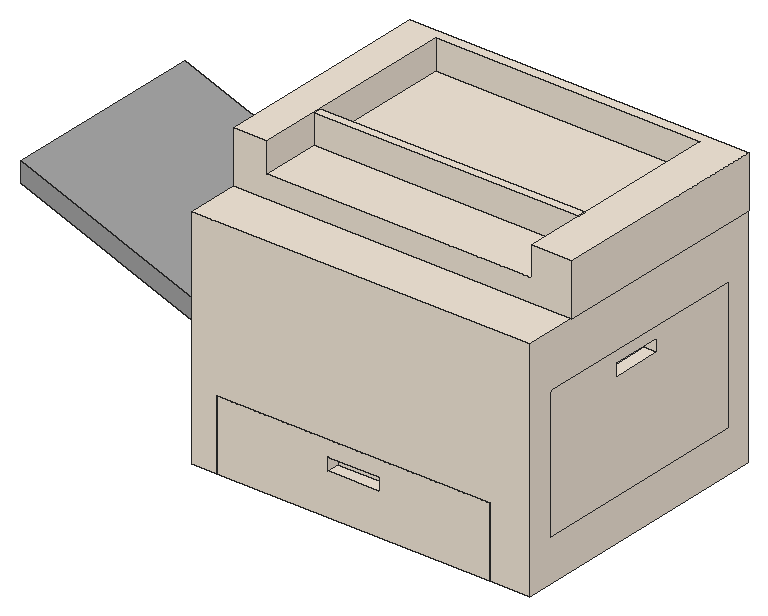
Revit family
Parameters
  Material Tray = Plastic - Gray,Dark
  Material Copier = Plastic - White
  Keynote = "N"
  Assembly Code = "E1010800"
Reference planes
  plane 1 "Center F/B": y = 24.669
  plane 2: z = 0
  plane 3 "Center L/R": x = -2.165
  plane 4: x = -332.365
  plane 5: x = 328.035
  plane 6: y = 291.369
  plane 7: y = -242.031
Forms (mm)
  Extrusion 1, solid, material "Plastic - White" <- "Material Copier"
    sketch origin (0, 0, -472.355) x (1, 0, 0) y (0, 1, 0)
      loop
        line (-332.365, 291.369) -> (-332.365, -242.031) -> (328.035, -242.031) -> (328.035, 291.369) -> (-332.365, 291.369)
    from 472.355 to 914.4
  Extrusion 2, solid, material "Plastic - White" <- "Material Copier"
    sketch origin (0, 0, -472.355) x (1, 0, 0) y (0, 1, 0)
      loop
        line (-332.365, 291.369) -> (-332.365, -139.905) -> (328.035, -139.905) -> (328.035, 291.369) -> (-332.365, 291.369)
    from 914.4 to 1016
  Extrusion 3, void
    sketch origin (0, 0, 0) x (1, 0, 0) y (0, 1, 0)
      loop
        line (-267.296, 271.111) -> (-267.296, -151.694) -> (249.314, -151.694) -> (249.314, 271.111) -> (-267.296, 271.111)
    from 486.34 to 543.645
  Extrusion 4, void
    sketch origin (-332.365, -242.031, -30.311) x (0, 0, -1) y (1, 0, 0)
      loop
        line (-30.311, 48.279) -> (-30.311, 581.679) -> (-167.555, 581.679) -> (-167.555, 48.279) -> (-30.311, 48.279)
    from 0 to -50.8
  Extrusion 5, solid, material "Plastic - White"
    sketch origin (0, 24.669, -472.355) x (1, 0, 0) y (0, 0, 1)
      loop
        line (-284.086, 472.355) -> (249.314, 472.355) -> (249.314, 609.6) -> (-284.086, 609.6) -> (-284.086, 472.355)
    from 266.7 to 215.9
  Extrusion 6, void
    sketch origin (-332.365, -242.031, -30.311) x (0, 0, -1) y (1, 0, 0)
      loop
        line (-136.815, 265.591) -> (-111.415, 265.591) -> (-111.415, 367.191) -> (-136.815, 367.191) -> (-136.815, 265.591)
    from 0 to -25.4
  Extrusion 7, solid, material "Plastic - White" <- "Material Copier"
    sketch origin (0, 0, 0) x (1, 0, 0) y (0, 1, 0)
      loop
        line (-267.296, -26.131) -> (249.314, -26.131) -> (249.314, -10.058) -> (-267.296, -10.058) -> (-267.296, -26.131)
    from 486.34 to 543.645
  Extrusion 8, solid, material "Plastic - Gray,Dark" <- "Material Tray"
    sketch origin (0, 24.669, 0) x (1, 0, 0) y (0, 0, 1)
      loop
        line (-332.365, 200.666) -> (-332.365, 239.235) -> (-708.263, 376.051) -> (-708.263, 337.481) -> (-332.365, 200.666)
    from -185.012 to 215.9
  Extrusion 9, void
    sketch origin (328.035, -242.031, 442.045) x (0, 0, -1) y (0, 1, 0)
      loop
        line (104.563, 50.8) -> (358.563, 50.8) -> (358.563, 482.6) -> (104.563, 482.6) -> (104.563, 50.8)
    from 0 to -78.721
  Extrusion 10, solid, material "Plastic - White"
    sketch origin (328.035, -242.031, 442.045) x (0, 0, -1) y (0, 1, 0)
      loop
        line (104.563, 50.8) -> (358.563, 50.8) -> (358.563, 482.6) -> (104.563, 482.6) -> (104.563, 50.8)
    from 0 to -50.8
  Extrusion 11, void
    sketch origin (328.035, -242.031, 442.045) x (0, 0, -1) y (0, 1, 0)
      loop
        line (125.278, 209.502) -> (150.678, 209.502) -> (150.678, 311.102) -> (125.278, 311.102) -> (125.278, 209.502)
    from 0 to -25.4
Cuts and joins
  Extrusion 3, Extrusion 4, Extrusion 6, Extrusion 9, Extrusion 11 cuts Extrusion 1
  Extrusion 3, Extrusion 4, Extrusion 6, Extrusion 9, Extrusion 11 cuts Extrusion 2
  Extrusion 6, Extrusion 9, Extrusion 11 cuts Extrusion 5
  Extrusion 9, Extrusion 11 cuts Extrusion 7
  Extrusion 9, Extrusion 11 cuts Extrusion 8
  Extrusion 11 cuts Extrusion 10
Lines and regions (mm)
  Masking region 1
    outline origin (0, 0, 0) x (1, 0, 0) y (0, 1, 0)
      loop
        line (-332.365, 209.68) -> (-708.263, 209.68) -> (-708.263, -191.231) -> (-332.365, -191.231) -> (-332.365, -242.031) -> (328.035, -242.031) -> (328.035, 291.369) -> (-332.365, 291.369) -> (-332.365, 209.68)
  symbolic lines
    curve 1: line (-332.365, 209.68, 0) -> (-708.263, 209.68, 0)
    curve 2: line (-708.263, 209.68, 0) -> (-708.263, -191.231, 0)
    curve 3: line (-708.263, -191.231, 0) -> (-332.365, -191.231, 0)
    curve 4: line (-332.365, 291.369, 0) -> (-332.365, -242.031, 0)
    curve 5: line (328.035, 291.369, 0) -> (-332.365, 291.369, 0)
    curve 6: line (328.035, -242.031, 0) -> (328.035, 291.369, 0)
    curve 7: line (-332.365, -139.905, 0) -> (328.035, -139.905, 0)
    curve 8: line (-267.296, 271.111, 0) -> (-267.296, -139.905, 0)
    curve 9: line (-267.296, 271.111, 0) -> (249.314, 271.111, 0)
    curve 10: line (249.314, -191.231, 0) -> (249.314, 271.111, 0)
    curve 11: line (249.314, -10.058, 0) -> (-267.296, -10.058, 0)
    curve 12: line (-267.296, -26.131, 0) -> (249.314, -26.131, 0)
    curve 13: line (277.235, 240.569, 0) -> (277.235, -191.231, 0)
    curve 14: line (-332.365, -242.031, 0) -> (328.035, -242.031, 0)
    curve 15: line (34.826, -216.631, 0) -> (-66.774, -216.631, 0)
    curve 16: line (-66.774, -216.631, 0) -> (-66.774, -242.031, 0)
    curve 17: line (34.826, -242.031, 0) -> (34.826, -216.631, 0)
    curve 18: line (249.314, -191.231, 0) -> (-284.086, -191.231, 0)
    curve 19: line (-284.086, -191.231, 0) -> (-284.086, -242.031, 0)
    curve 20: line (249.314, -242.031, 0) -> (249.314, -191.231, 0)
    curve 21: line (249.314, -191.231, 0) -> (328.035, -191.231, 0)
    curve 22: line (328.035, 240.569, 0) -> (249.314, 240.569, 0)
    curve 23: line (302.635, 69.071, 0) -> (302.635, -32.529, 0)
    curve 24: line (328.035, 69.071, 0) -> (302.635, 69.071, 0)
    curve 25: line (302.635, -32.529, 0) -> (328.035, -32.529, 0)
Dimensions and locks
  aligned and locked: Masking region 1 sketch curve to cut or joined group of Extrusion 8, Extrusion 9, Extrusion 11  (x3)
  aligned and locked: Masking region 1 sketch curve to cut or joined group of Extrusion 2, Extrusion 3, Extrusion 4, Extrusion 6, Extrusion 9, Extrusion 11  (x3)
  aligned and locked: cut or joined group of Extrusion 1, Extrusion 3, Extrusion 4, Extrusion 6, Extrusion 9, Extrusion 11 to Masking region 1 sketch curve
  aligned and locked: Masking region 1 sketch curve to cut or joined group of Extrusion 1, Extrusion 3, Extrusion 4, Extrusion 6, Extrusion 9, Extrusion 11
